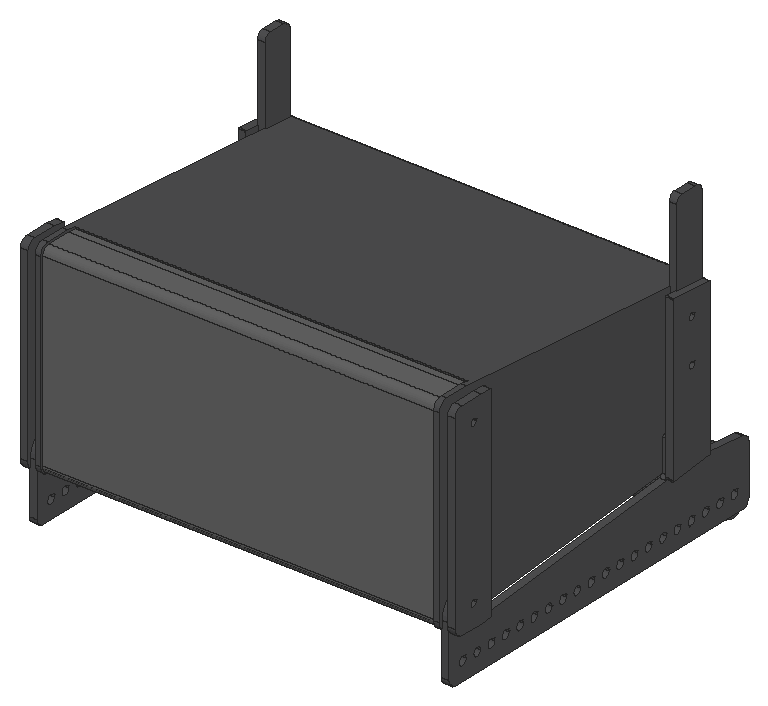
Revit family "Communication_Bosch_Speakers_X-Line Advance Install X1i", category Communication Devices, Revit 2018 (continued)
Definition of nested family "Bottom Element X1i"
  Definition of nested family "Bottom spreader bar"
    Forms (mm)
      Extrusion 2, solid, material <- "MaterialRal"
        sketch origin (0, 0, 41.7) x (0, -1, 0) y (0, 0, -1)
          loop
            line (12.7, 71.314) -> (12.7, 93.539)
            arc (12.7, 93.539) -> (11.772, 95.781) -> (9.531, 96.714) r 3.175
            line (9.531, 96.714) -> (-9.531, 96.714)
            arc (-9.531, 96.714) -> (-11.772, 95.781) -> (-12.7, 93.539) r 3.175
            line (-12.7, 93.539) -> (-12.7, 71.314) -> (-12.7, 28.931)
            arc (-12.7, 28.931) -> (-13.479, 27.051) -> (-15.359, 26.272) r 2.659
            line (-15.359, 26.272) -> (-33.637, 26.272)
            arc (-33.637, 26.272) -> (-37.173, 24.808) -> (-38.637, 21.272) r 5
            line (-38.637, 21.272) -> (-38.637, 15.825)
            arc (-38.637, 15.825) -> (-34.003, 4.635) -> (-22.813, 0) r 15.825
            line (-22.813, 0) -> (0, 0) -> (22.813, 0)
            arc (22.813, 0) -> (34.003, 4.635) -> (38.637, 15.825) r 15.825
            line (38.637, 15.825) -> (38.637, 21.272)
            arc (38.637, 21.272) -> (37.173, 24.808) -> (33.637, 26.272) r 5
            line (33.637, 26.272) -> (15.474, 26.272)
            arc (15.474, 26.272) -> (13.512, 27.085) -> (12.7, 29.046) r 2.774
            line (12.7, 29.046) -> (12.7, 71.314)
        from 339.25 to -339.25
    Cuts and joins
      Extrusion 1 cuts Extrusion 2
    Lines and regions (mm)
      reference lines
        curve 1: line (0, 0, 0) -> (0, -390, 0)
    Dimensions and locks
      "Spreader Bar Rotation Angle": angle plane 2 to curve 1
      aligned and locked: level to plane 2
      aligned and locked: plane 1 "Center (Front/Back)" to curve 1
      aligned and locked: plane 2 to curve 1
    Automatic sketch dimensions
      Extrusion 1 sketch curve to level = 20.927 mm  (x4)
      plane 3 "Center (Left/Right)" to Extrusion 1 sketch curve = 258.95 mm
      plane 3 "Center (Left/Right)" to Extrusion 1 sketch curve = 9.575 mm
      Extrusion 1 sketch curve to plane 3 "Center (Left/Right)" = 40.425 mm
      Extrusion 1 sketch curve to Extrusion 1 sketch curve = 220 mm
      Extrusion 2 sketch curve to curve 1 = 0 mm
      Extrusion 2 sketch curve to curve 1 = 41.7 mm
      Extrusion 2 sketch curve to curve 1 = 9.525 mm
      Extrusion 2 sketch curve to Extrusion 2 sketch curve = 0.006 mm  (x2)
      Extrusion 2 sketch curve to curve 1 = 12.7 mm
      Extrusion 2 sketch curve to Extrusion 2 sketch curve = 2.659 mm
      Extrusion 2 sketch curve to Extrusion 2 sketch curve = 7.454 mm
      Extrusion 2 sketch curve to Extrusion 2 sketch curve = 10.825 mm  (x2)
      Extrusion 2 sketch curve to Extrusion 2 sketch curve = 5 mm  (x2)
      curve 1 to Extrusion 2 sketch curve = 9.525 mm
      curve 1 to Extrusion 2 sketch curve = 12.7 mm
      Extrusion 2 sketch curve to Extrusion 2 sketch curve = 2.774 mm
      Extrusion 2 sketch curve to Extrusion 2 sketch curve = 7.339 mm
      Extrusion 2 sketch curve to Extrusion 2 sketch curve = 5.448 mm  (x2)
      curve 1 to Extrusion 2 sketch curve = 29.614 mm  (x2)
      curve 1 to Extrusion 2 sketch curve = 51.839 mm
      Extrusion 2 sketch curve to Extrusion 2 sketch curve = 3.175 mm
      Extrusion 2 sketch curve to Extrusion 2 sketch curve = 0 mm  (x3)
      radius of Extrusion 1 sketch curve = 10 mm  (x4)
  Definition of nested family "Bottom Element grid"
    Parameters (values of type "Bottom Element Grid")
      MaterialRal [instance] = none
      Default Elevation = 1219.2 mm
    Reference planes
      plane 1 "Center (Front/Back)": y = 0
      plane 2: z = 0
      plane 3 "Center (Left/Right)": x = 0
    Forms (mm)
      Extrusion 1, solid, material <- "MaterialRal"
        sketch origin (0, 0, 0) x (0, 1, 0) y (0, 0, 1)
          loop
            line (260.835, 150.633) -> (335.765, 157.848)
            arc (335.765, 157.848) -> (343.955, 161.958) -> (347.248, 170.508) r 12.7
            line (347.248, 170.508) -> (347.248, 255.742)
            arc (347.248, 255.742) -> (343.535, 264.735) -> (334.548, 268.461) r 12.7
            line (334.548, 268.461) -> (-267.659, 268.461)
            arc (-267.659, 268.461) -> (-276.64, 264.741) -> (-280.359, 255.761) r 12.7
            line (-280.359, 255.761) -> (-280.359, 167.803)
            arc (-280.359, 167.803) -> (-269.485, 141.55) -> (-243.233, 130.676) r 37.127
            line (-243.233, 130.676) -> (-217.585, 130.676) -> (-208.034, 184.841)
            arc (-208.034, 184.841) -> (-205.467, 187.909) -> (-201.575, 188.833) r 6.35
            line (-201.575, 188.833) -> (177.063, 155.707)
            arc (177.063, 155.707) -> (180.726, 154.129) -> (182.726, 150.677) r 6.35
            line (182.726, 150.677) -> (182.726, 96.828)
            arc (182.726, 96.828) -> (183.587, 94.462) -> (185.767, 93.204) r 3.68
            line (185.767, 93.204) -> (209.453, 89.027)
            arc (209.453, 89.027) -> (235.485, 94.741) -> (249.947, 117.129) r 35
            line (249.947, 117.129) -> (255.188, 145.466)
            arc (255.188, 145.466) -> (257.146, 148.996) -> (260.835, 150.633) r 6.35
          loop
            circle (212.534, 107.835) r 6.349
          loop
            circle (-245.73, 149.627) r 6.349
          loop
            circle (-252.134, 237.678) r 8
          loop
            circle (-222.134, 237.678) r 8
          loop
            circle (-192.134, 237.678) r 8
          loop
            circle (-162.134, 237.678) r 8
          loop
            circle (-132.134, 237.678) r 8
          loop
            circle (317.866, 237.678) r 8
          loop
            circle (287.866, 237.678) r 8
          loop
            circle (257.866, 237.678) r 8
          loop
            circle (227.866, 237.678) r 8
          loop
            circle (197.866, 237.678) r 8
          loop
            circle (167.866, 237.678) r 8
          loop
            circle (137.866, 237.678) r 8
          loop
            circle (107.866, 237.678) r 8
          loop
            circle (77.866, 237.678) r 8
          loop
            circle (47.866, 237.678) r 8
          loop
            circle (17.866, 237.678) r 8
          loop
            circle (-102.134, 237.678) r 8
          loop
            circle (-72.134, 237.678) r 8
          loop
            circle (-12.134, 237.678) r 8
          loop
            circle (-42.134, 237.678) r 8
        from 339.25 to 352.25
      Extrusion 2, solid, material <- "MaterialRal"
        sketch origin (-691.5, 0, 0) x (0, 1, 0) y (0, 0, 1)
          loop
            line (260.835, 150.633) -> (335.765, 157.848)
            arc (335.765, 157.848) -> (343.955, 161.958) -> (347.248, 170.508) r 12.7
            line (347.248, 170.508) -> (347.248, 255.742)
            arc (347.248, 255.742) -> (343.535, 264.735) -> (334.548, 268.461) r 12.7
            line (334.548, 268.461) -> (-267.659, 268.461)
            arc (-267.659, 268.461) -> (-276.64, 264.741) -> (-280.359, 255.761) r 12.7
            line (-280.359, 255.761) -> (-280.359, 167.803)
            arc (-280.359, 167.803) -> (-269.485, 141.55) -> (-243.233, 130.676) r 37.127
            line (-243.233, 130.676) -> (-217.585, 130.676) -> (-208.034, 184.841)
            arc (-208.034, 184.841) -> (-205.467, 187.909) -> (-201.575, 188.833) r 6.35
            line (-201.575, 188.833) -> (177.063, 155.707)
            arc (177.063, 155.707) -> (180.726, 154.129) -> (182.726, 150.677) r 6.35
            line (182.726, 150.677) -> (182.726, 96.828)
            arc (182.726, 96.828) -> (183.587, 94.462) -> (185.767, 93.204) r 3.68
            line (185.767, 93.204) -> (209.453, 89.027)
            arc (209.453, 89.027) -> (235.485, 94.741) -> (249.947, 117.129) r 35
            line (249.947, 117.129) -> (255.188, 145.466)
            arc (255.188, 145.466) -> (257.146, 148.996) -> (260.835, 150.633) r 6.35
          loop
            circle (212.534, 107.835) r 6.349
          loop
            circle (-245.73, 149.627) r 6.349
          loop
            circle (-252.134, 237.678) r 8
          loop
            circle (-222.134, 237.678) r 8
          loop
            circle (-192.134, 237.678) r 8
          loop
            circle (-162.134, 237.678) r 8
          loop
            circle (-132.134, 237.678) r 8
          loop
            circle (317.866, 237.678) r 8
          loop
            circle (287.866, 237.678) r 8
          loop
            circle (257.866, 237.678) r 8
          loop
            circle (227.866, 237.678) r 8
          loop
            circle (197.866, 237.678) r 8
          loop
            circle (167.866, 237.678) r 8
          loop
            circle (137.866, 237.678) r 8
          loop
            circle (107.866, 237.678) r 8
          loop
            circle (77.866, 237.678) r 8
          loop
            circle (47.866, 237.678) r 8
          loop
            circle (17.866, 237.678) r 8
          loop
            circle (-102.134, 237.678) r 8
          loop
            circle (-72.134, 237.678) r 8
          loop
            circle (-12.134, 237.678) r 8
          loop
            circle (-42.134, 237.678) r 8
        from 339.25 to 352.25
    Dimensions and locks
      aligned and locked: level to plane 2
Types (8, lengths in mm): name | top/Middle/Bottom Elements | XVisSpeaker | XVisErr | XMTI | XMPN | XCTN | XAccDesc | Top Element Distance | Product Description | Middle/Bottom element | Loud Speaker Bottom Position (No grid) | Colour | Loud Speaker Top Position (01 spreader bar) | Loud Speaker Bottom Position | Top Grid Hole Number | CTN | Bottom Elements | Bottom Element Distance | Accessories Part Number
  X1I-212/90-B X1i 12" 90° Install array black | no | no | yes | 5 | "Configuration not possible" | "Configuration not possible" | "Configuration not possible" | 599.4 | "Configuration not possible" | no | yes | RAL 9005 black | yes | no | 1 | "Configuration not possible" | no | 0 | "Configuration not possible"
  X1I-212/90-W X1i 12" 90° Install array white | no | no | yes | 8 | "Configuration not possible" | "Configuration not possible" | "Configuration not possible" | 599.4 | "Configuration not possible" | no | yes | RAL 9003 white | yes | no | 1 | "Configuration not possible" | no | 0 | "Configuration not possible"
  X1I-212/90-FGB X1i 12" 90° Install array black FG | no | no | yes | 6 | "Configuration not possible" | "Configuration not possible" | "Configuration not possible" | 599.4 | "Configuration not possible" | no | yes | RAL 9005 black | yes | no | 1 | "Configuration not possible" | no | 0 | "Configuration not possible"
  X1I-212/90-FGW X1i 12" 90° Install array white FG | no | no | yes | 7 | "Configuration not possible" | "Configuration not possible" | "Configuration not possible" | 599.4 | "Configuration not possible" | no | yes | RAL 9003 white | yes | no | 1 | "Configuration not possible" | no | 0 | "Configuration not possible"
  X1I-212/120-B X1i 12" 120° Install array black | no | no | yes | 1 | "Configuration not possible" | "Configuration not possible" | "Configuration not possible" | 479.4 | "Configuration not possible" | no | yes | RAL 9005 black | yes | no | 5 | "Configuration not possible" | no | 0 | "Configuration not possible"
  X1I-212/120-W X1i 12" 120° Install array white | no | no | yes | 4 | "Configuration not possible" | "Configuration not possible" | "Configuration not possible" | 599.4 | "Configuration not possible" | no | yes | RAL 9003 white | yes | no | 1 | "Configuration not possible" | no | 0 | "Configuration not possible"
  X1I-212/120-FGB X1i 12" 120° Install array black FG | yes | yes | no | 2 | " X12I-RIGKIT-B & X12I-GRID-B" | "X1I-212/120-FGB " | " X1i 12 in 120° Install array black FG" | 0 | " X1i 12 in 120° Install array black FG" | yes | no | RAL 9005 black | no | yes | 4 | "X1I-212/120-FGB " | yes | 29.4 | " X12I-RIGKIT-B & X12I-GRID-B"
  X1I-212/120-FGW X1i 12" 120° Install array white FG | no | no | yes | 3 | "Configuration not possible" | "Configuration not possible" | "Configuration not possible" | 599.4 | "Configuration not possible" | no | yes | RAL 9003 white | yes | no | 1 | "Configuration not possible" | no | 0 | "Configuration not possible"
